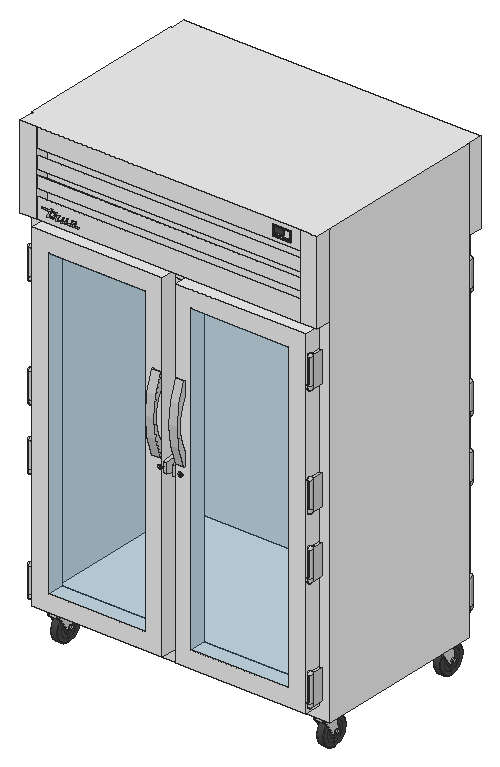
Revit family (continued)
Automatic sketch dimensions
  plane 1 "BACK" to Revolve 87 sketch curve = 31/64"
  Revolve 87 sketch curve to Revolve 87 sketch curve = 0.40666"
  Revolve 87 sketch curve to Revolve 87 sketch curve = 0"
  plane 7 to Revolve 87 sketch curve = 22.42281"
  Revolve 87 sketch curve to Revolve 87 sketch curve = 0.32931"
  Revolve 87 sketch curve to Revolve 87 sketch curve = 0.51246"
  Revolve 87 sketch curve to Revolve 87 sketch curve = 0.05342"
  Revolve 87 sketch curve to Revolve 87 sketch curve = 4.42889"
  Revolve 87 sketch curve to Revolve 87 sketch curve = 0.04281"
  Revolve 87 sketch curve to Revolve 87 sketch curve = 0.18929"
  Revolve 87 sketch curve to Revolve 87 sketch curve = 0.55526"
  plane 10 to Extrusion 88 sketch curve = 0.99134"
  Extrusion 88 sketch curve to Extrusion 88 sketch curve = 0.39759"
  plane 7 to Extrusion 88 sketch curve = 23.37579"
  Extrusion 88 sketch curve to Extrusion 88 sketch curve = 4.47281"
  plane 1 "BACK" to Extrusion 89 sketch curve = 1/2"
  Extrusion 89 sketch curve to Extrusion 89 sketch curve = 0.43503"
  Extrusion 89 sketch curve to Extrusion 89 sketch curve = 0.20453"
  Extrusion 89 sketch curve to Extrusion 89 sketch curve = 1.61044"
  plane 7 to Extrusion 89 sketch curve = 2.86127"
  Extrusion 89 sketch curve to Extrusion 89 sketch curve = 0.71221"
  Extrusion 89 sketch curve to Extrusion 89 sketch curve = 4.39928"
  plane 1 "BACK" to Revolve 90 sketch curve = 0.07771"  (x2)
  Revolve 90 sketch curve to Revolve 90 sketch curve = 0.38242"
  Revolve 90 sketch curve to Revolve 90 sketch curve = 0.38436"
  plane 1 "BACK" to Revolve 90 sketch curve = 31/64"
  Revolve 90 sketch curve to Revolve 90 sketch curve = 0.40666"
  Revolve 90 sketch curve to Revolve 90 sketch curve = 0"
  plane 7 to Revolve 90 sketch curve = 2.67281"
  Revolve 90 sketch curve to Revolve 90 sketch curve = 0.32931"
  Revolve 90 sketch curve to Revolve 90 sketch curve = 0.51246"
  Revolve 90 sketch curve to Revolve 90 sketch curve = 0.05342"
  Revolve 90 sketch curve to Revolve 90 sketch curve = 4.42889"
  Revolve 90 sketch curve to Revolve 90 sketch curve = 0.04281"
  Revolve 90 sketch curve to Revolve 90 sketch curve = 0.18929"
  Revolve 90 sketch curve to Revolve 90 sketch curve = 0.55526"
  plane 10 to Extrusion 91 sketch curve = 0.99134"
  Extrusion 91 sketch curve to Extrusion 91 sketch curve = 0.39759"
  plane 7 to Extrusion 91 sketch curve = 3.62579"
  Extrusion 91 sketch curve to Extrusion 91 sketch curve = 4.47281"
  Extrusion 92 sketch curve to plane 1 "BACK" = 0.2"  (x2)
  Extrusion 92 sketch curve to plane 1 "BACK" = 0"  (x2)
  plane 1 "BACK" to Extrusion 92 sketch curve = 7.77899"
  plane 14 to Extrusion 92 sketch curve = 2.97406"
  Extrusion 92 sketch curve to plane 8 = 5.95"
  Extrusion 92 sketch curve to Extrusion 92 sketch curve = 2.4"
  Extrusion 92 sketch curve to Extrusion 92 sketch curve = 4.4"
  Extrusion 92 sketch curve to Extrusion 92 sketch curve = 0"
  Extrusion 93 sketch curve to plane 1 "BACK" = 0.2"  (x2)
  Extrusion 93 sketch curve to plane 1 "BACK" = 0"  (x2)
  plane 1 "BACK" to Extrusion 93 sketch curve = 7.77899"
  plane 14 to Extrusion 93 sketch curve = 2.97406"
  plane 9 to Extrusion 93 sketch curve = 3.99688"
  Extrusion 93 sketch curve to Extrusion 93 sketch curve = 2.4"
  Extrusion 93 sketch curve to plane 12 = 12 19/32"
  Extrusion 93 sketch curve to Extrusion 93 sketch curve = 0"
  Extrusion 3 to Extrusion 94 sketch curve = 0"  (x2)
  Extrusion 94 sketch curve to Extrusion 94 sketch curve = 1"
  Extrusion 3 to Extrusion 94 sketch curve = 1"
  Extrusion 3 to Extrusion 94 sketch curve = 22 1/8"  (x2)
  Extrusion 94 sketch curve to Extrusion 94 sketch curve = 4 1/32"  (x2)
  plane 1 "BACK" to curve 1 = 0"
  curve 1 to plane 3 "LEFT" = 0"
  curve 25 to plane 5 "FRONT" = 0"
  curve 1 to plane 4 "RIGHT" = 0"
  plane 3 "LEFT" to curve 11 = 1.20097"
  plane 3 "LEFT" to curve 7 = 1.20097"
  curve 43 to plane 9 = 3/4"
  curve 25 to plane 9 = 3/4"
  curve 9 to plane 9 = 11/32"
  curve 13 to plane 9 = 11/32"
  plane 1 "BACK" to curve 11 = 3.1708"
  plane 9 to curve 11 = 0.98222"
  plane 9 to curve 6 = 0.60602"
  curve 32 to plane 1 "BACK" = 0.2"
  curve 10 to curve 32 = 1.70624"
  curve 34 to curve 35 = 2.4"
  plane 14 to curve 32 = 2.97406"
  curve 32 to plane 12 = 12.60312"
  curve 35 to curve 32 = 0"
  curve 35 to curve 33 = 2.4"
  curve 26 to plane 12 = 2.79325"
  curve 27 to plane 12 = 1.29325"
  curve 43 to plane 12 = 1 1/8"
  curve 28 to curve 25 = 0.16825"
  curve 31 to plane 8 = 1.37138"
  curve 41 to plane 8 = 1 9/32"
  curve 23 to curve 31 = 0.09013"
  curve 30 to curve 29 = 1 1/2"
  curve 36 to plane 1 "BACK" = 0.2"
  curve 41 to curve 36 = 4.69375"
  curve 37 to curve 39 = 2.4"
  curve 39 to curve 39 = 4.4"
  plane 14 to curve 36 = 2.97406"
  curve 36 to curve 39 = 0"
  curve 39 to curve 38 = 2.4"
  curve 20 to plane 10 = 2.55528"
  curve 16 to plane 10 = 2.55528"
  curve 16 to plane 10 = 1.25624"
  curve 21 to plane 10 = 1.25624"
  plane 10 to curve 18 = 0.06972"
  plane 10 to curve 15 = 0.06972"
  plane 10 to curve 40 = 19/32"
  plane 10 to curve 22 = 19/32"
  curve 40 to curve 41 = 0"
  curve 22 to curve 23 = 0"
  curve 26 to curve 26 = 1.64405"
  curve 29 to curve 29 = 1.64405"
  curve 5 to plane 5 "FRONT" = 2 1/4"
  curve 20 to plane 5 "FRONT" = 3.92849"
  curve 5 to curve 9 = 1.78257"
  curve 20 to curve 19 = 3/4"
  curve 8 to curve 8 = 3/4"
  curve 36 to curve 39 = 7.30945"
  curve 32 to curve 35 = 7.30945"
  curve 12 to curve 10 = 5.29663"
  plane 1 "BACK" to curve 16 = 8.46743"
  curve 16 to curve 16 = 3/4"
  curve 44 to curve 1 = 2 1/4"
  Extrusion 6 sketch curve to plane 8 = 1 9/32"
  plane 8 to Extrusion 6 sketch curve = 4 1/64"
  plane 8 to Extrusion 6 sketch curve = 1 1/8"
  Extrusion 6 sketch curve to Extrusion 6 sketch curve = 2 21/32"
  Extrusion 57 sketch curve to plane 5 "FRONT" = 0"  (x2)
  plane 10 to Extrusion 57 sketch curve = 19/32"
  Extrusion 57 sketch curve to plane 8 = 1 9/32"
  plane 8 to Extrusion 57 sketch curve = 1 1/8"
  Extrusion 57 sketch curve to plane 9 = 3/4"
  plane 1 "BACK" to Extrusion 95 sketch curve = 0"  (x2)
  plane 10 to Extrusion 95 sketch curve = 19/32"
  Extrusion 95 sketch curve to plane 8 = 1 9/32"
  plane 8 to Extrusion 95 sketch curve = 1 1/8"
  Extrusion 95 sketch curve to plane 9 = 3/4"
  radius of Extrusion 7 sketch curve = 0.35"  (x2)
  radius of Extrusion 9 sketch curve = 1/4"
  radius of Extrusion 58 sketch curve = 1 1/2"
  radius of Extrusion 59 sketch curve = 1 1/2"
  radius of Extrusion 60 sketch curve = 1 1/2"
  radius of Extrusion 61 sketch curve = 1 1/2"
  radius of Extrusion 65 sketch curve = 0.35"  (x2)
Connectors (in)
  electrical at (49.53125, -0.0625, 82), driven by "Volts", driven by "Watts"
    settings: on Extrusion 9, index 1, voltage 208 V, apparent load 3000 VA, apparent load phase1 0 VA, apparent load phase2 0 VA, apparent load phase3 0 VA, power factor 1, load classification "Other", number of poles 1, system type 30, power factor state 1, is connector primary yes, connector utility no, sub classification motor no, connector description "Electrical Connection"
